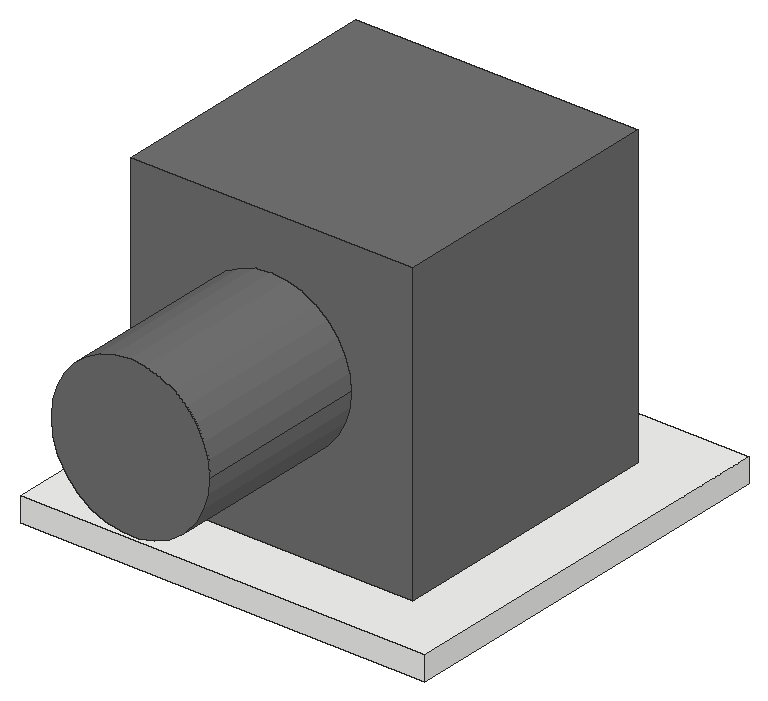
Revit family "vd-10_23zvc6_zvb6_50Hz", category 機械設備, Revit 2019
Family settings
  丸型コネクタ寸法 = 直径を使用
  パーツ タイプ = 標準
  OmniClass 番号 = 23.75.35.17.27
  OmniClass タイトル = Centrifugal Fans
  作業面ベース = いいえ
  常に垂直 = はい
  ロード時にボイドで切り取り = いいえ
  共有 = いいえ
  部屋計算ポイント = はい
Parameters (values of type "VD-10ZVC6")
  騒音レベル(dB(A)) [instance] = 23.5
  風量 [instance] = 100.0 m³/h
  電源種別 [instance] = ""
  電圧 = 100 V
  電動機出力 = 0 W
  電動機_種別 [instance] = ""
  運転質量 = 0.00 kg
  連動 [instance] = ""
  質量 = if(製品質量 > 運転質量, 製品質量, 運転質量) * 1.2  # 1.68 kg
  負荷分類 = 3_ファン類
  説明 = "ダクト用換気扇 低騒音形 24時間換気機能付 定風量タイプ"
  設計風量 [instance] = 0.0 m³/h
  設置方法 = "天埋"
  記号 [instance] = ""
  製造元 = "三菱電機株式会社"
  製品質量 = 1.40 kg
  製品出荷対象 = "国内"
  製品リリース年月 = "2022年6月1日"
  製品グループ = ""
  羽根径 = "∅100"
  系統 [instance] = ""
  符号 [instance] = if(☑給気／□排気, "FS", "FE")  # "FE"
  積算_科目 = "2 換気設備"
  積算_拾い区分 [instance] = ""
  相 = 1
  盤記号 [instance] = ""
  発停方法 [instance] = ""
  特殊仕様 [instance] = ""
  火災停止 [instance] = ""
  消費電力 = 2.6 W
  法定耐用年数 = "15"
  機外静圧 [instance] = 90.0 Pa
  極数 = 2
  材質 [instance] = ""
  操作・制御方式 = ""
  操作・制御スイッチ = ""
  排気量 [instance] = if(☑給気／□排気, 0.0 m³/h, 設計風量)  # 0.0 m³/h
  形式 = "天井埋込ダクト形"
  幹線記号 [instance] = ""
  対象室 [instance] = ""
  実風量 [instance] = 0.0 m³/h
  始動方式 [instance] = "直入"
  外気量 [instance] = if(☑給気／□排気, 設計風量, 0.0 m³/h)  # 0.0 m³/h
  呼称 = "天井扇"
  周波数 = 50 Hz
  参照している仕様書等のバージョン = ""
  分類コード = "50052503100030"
  分類グループ = ""
  価格 = 26000
  企業コード = "108420"
  付属品_防振装置 = ""
  付属品 [instance] = ""
  仕様書バージョン = "Version1.0"
  モデル = "VD-10ZVC6"
  マテリアル = 合成樹脂(黒)
  ファンの種類 = ""
  ダクト径 = 100 mm
  コメント [instance] = ""
  Keynote = ""
  カバーマテリアル = 合成樹脂(白)
  ☑給気／□排気 [instance] = no
  Width = 174 mm
  W1 = 250 mm
  Version = ""
  Uniclass2015Version = "Systems v1.9"
  Uniclass2015Title = "Centrifugal fans"
  Uniclass2015Code = "Pr_65_67_29_12"
  URL = "https://www.mitsubishielectric.co.jp/ldg/wink/ssl/displayProduct.do?pid=320864"
  SpecificationReference = ""
  SpecificationDescription = ""
  Revision = ""
  ProductInformation = ""
  OmniClassCode = "23-33 31 19 11 15"
  OAサイズ_D = 0 mm
  MIN風量 = 60.0 m³/h
  MIN静圧 = 50.0 Pa
  MID風量 = 0.0 m³/h
  MID静圧 = 0.0 Pa
  MAX風量 = 100.0 m³/h
  MAX静圧 = 90.0 Pa
  IfcTypeProduct = ""
  IfcProduct = ""
  IfcExportType = "PROPELLORAXIAL"
  IfcExportAs = "IfcFanType"
  Height = 184 mm
  H1 = 15 mm
  EAサイズ_D = 98 mm
  Duct_Depth = 109 mm
  Duct_Center = 0 mm
  Depth = 174 mm
  D2 = 102 mm
  D1 = 250 mm
  Author = "三菱電機株式会社"
Types (4, lengths in mm): name | 騒音レベル(dB(A)) | 風量 | 質量 | 製品質量 | 羽根径 | 消費電力 | 機外静圧 | 価格 | モデル | マテリアル | URL | MIN風量 | MIN静圧 | MAX風量 | MAX静圧
  VD-10ZVC6 | 23.5 | 100.0 m³/h | 1.68 kg | 1.40 kg | "∅100" | 2.6 W | 90.0 Pa | 26000 | "VD-10ZVC6" | 合成樹脂(黒) | "https://www.mitsubishielectric.co.jp/ldg/wink/ssl/displayProduct.do?pid=320864" | 60.0 m³/h | 50.0 Pa | 100.0 m³/h | 90.0 Pa
  VD-13ZVC6 | 27.5 | 120.0 m³/h | 1.92 kg | 1.60 kg | "∅115" | 3.3 W | 78.0 Pa | 29600 | "VD-13ZVC6" | 合成樹脂(黒) | "https://www.mitsubishielectric.co.jp/ldg/wink/ssl/displayProduct.do?pid=320708" | 75.0 m³/h | 57.0 Pa | 120.0 m³/h | 78.0 Pa
  VD-15ZVC6 | 28 | 160.0 m³/h | 2.88 kg | 2.40 kg | "∅140" | 5 W | 130.0 Pa | 40300 | "VD-15ZVC6" | 合成樹脂(黒) | "https://www.mitsubishielectric.co.jp/ldg/wink/ssl/displayProduct.do?pid=320664" | 85.0 m³/h | 80.0 Pa | 160.0 m³/h | 130.0 Pa
  VD-23ZVB6 | 39.5 | 480.0 m³/h | 8.40 kg | 7.00 kg | "∅230" | 22 W | 150.0 Pa | 92900 | "VD-23ZVB6" | 溶融亜鉛めっき鋼板 | "https://www.mitsubishielectric.co.jp/ldg/wink/ssl/displayProduct.do?pid=320940" | 280.0 m³/h | 150.0 Pa | 480.0 m³/h | 150.0 Pa
Reference planes
  plane 1 "中心(正面/背面)": y = 0
  plane 2: z = 0
  plane 3 "中心(左/右)": x = 0
  plane 4: x = -125
  plane 5: x = 125
  plane 6: y = 125
  plane 7: y = -125
  plane 8: x = -87
  plane 9: x = 87
  plane 10: y = 87
  plane 11: y = -87
  plane 12: y = -196
  plane 13: z = 184
  plane 14: z = -15
  plane 15: z = 102
  plane 16: x = 0
Forms (mm)
  Extrusion 1, solid, material "合成樹脂(黒)" <- "マテリアル", detail levels fine
    sketch origin (0, 0, 0) x (1, 0, 0) y (0, 1, 0)
      loop
        line (-87, 87) -> (-87, -87) -> (87, -87) -> (87, 87) -> (-87, 87)
    from 0 to 184
  Extrusion 2, solid, material "合成樹脂(白)" <- "カバーマテリアル", detail levels fine
    sketch origin (0, 0, 0) x (1, 0, 0) y (0, 1, 0)
      loop
        line (-125, 125) -> (-125, -125) -> (125, -125) -> (125, 125) -> (-125, 125)
    from 0 to -15
  Extrusion 3, solid, material "合成樹脂(黒)" <- "マテリアル", detail levels fine
    sketch origin (0, 0, 0) x (1, 0, 0) y (0, 0, 1)
      loop
        circle (0, 102) r 49
    from 87 to 196
Dimensions and locks
  equal spacing: plane 4, plane 3 "中心(左/右)", plane 5
  "W1": plane 4 to plane 5
  equal spacing: plane 6, plane 1 "中心(正面/背面)", plane 7
  "D1": plane 6 to plane 7
  equal spacing: plane 8, plane 3 "中心(左/右)", plane 9
  "Width": plane 8 to plane 9
  equal spacing: plane 10, plane 1 "中心(正面/背面)", plane 11
  "Depth": plane 10 to plane 11
  "Duct_Depth": plane 11 to plane 12
  "Height": plane 13 to plane 2
  "D2": plane 15 to plane 2
  "H1": plane 2 to plane 14
  "Duct_Center": plane 3 "中心(左/右)" to plane 16
  "EAサイズ_D": diameter of Extrusion 3 sketch curve
  aligned and locked: level to plane 2
  aligned and locked: plane 5 to Extrusion 2
  aligned and locked: plane 6 to Extrusion 2
  aligned and locked: Extrusion 2 to plane 4
  aligned and locked: Extrusion 2 to plane 7
  aligned and locked: plane 9 to Extrusion 1
  aligned and locked: Extrusion 1 to plane 11
  aligned and locked: Extrusion 1 to plane 8
  aligned and locked: plane 10 to Extrusion 1
  aligned and locked: plane 13 to Extrusion 1
  aligned and locked: Extrusion 2 to plane 14
  aligned and locked: level to Extrusion 2
  aligned and locked: Extrusion 1 to level
  aligned and locked: Extrusion 3 to plane 12
  aligned and locked: plane 11 to Extrusion 3
Automatic sketch dimensions
  Extrusion 1 sketch curve to plane 3 "中心(左/右)" = 87 mm
  plane 3 "中心(左/右)" to Extrusion 1 sketch curve = 87 mm
  Extrusion 2 sketch curve to plane 3 "中心(左/右)" = 125 mm
  plane 3 "中心(左/右)" to Extrusion 2 sketch curve = 125 mm
  plane 1 "中心(正面/背面)" to Extrusion 1 sketch curve = 87 mm
  Extrusion 1 sketch curve to plane 1 "中心(正面/背面)" = 87 mm
  plane 1 "中心(正面/背面)" to Extrusion 2 sketch curve = 125 mm
  Extrusion 2 sketch curve to plane 1 "中心(正面/背面)" = 125 mm
  Extrusion 3 sketch curve to plane 15 = 0 mm
  Extrusion 3 sketch curve to plane 16 = 0 mm
Nested families
  nested 1: "記号_天井換気扇_平面" at (0, 0, 0), type "記号_天井換気扇_平面", detail levels coarse+medium
Connectors
  hvac at (0, -196, 102), driven by "ダクト径", driven by "風量", driven by "機外静圧"
    settings: on Extrusion 3, index 1, duct flow 100.0 m³/h, flow factor 0, pres drop 90.0 Pa, loss coef 0, conn angle 0.00°, conn width 304.8 mm, conn height 304.8 mm, conn diameter 100 mm, duct sys type 3, conn prof type 0, flow config 0, flow direction 2, loss method 4, conn ref index -1, conn util no, is conn primary yes, conn desc ""
  electrical at (0, 0, 0), driven by "相", driven by "負荷分類", driven by "電圧", driven by "消費電力"
    settings: on Extrusion 1, index 2, voltage 100 V, apparent load 2.6 VA, apparent load phase1 0 VA, apparent load phase2 0 VA, apparent load phase3 0 VA, power factor 1, load classification "3_ファン類", number of poles 1, system type 30, power factor state 1, is connector primary yes, connector utility no, sub classification motor no, connector description ""
Definition of nested family "記号_天井換気扇_平面"
  Reference planes
    plane 1: y = 0
    plane 2: x = 0
  Lines and regions (mm)
    detail lines
      curve 1: line (-2.5, 2.5, 0) -> (2.5, 2.5, 0)
      curve 2: line (-2.5, -2.5, 0) -> (-2.5, 2.5, 0)
      curve 3: line (2.5, -2.5, 0) -> (-2.5, -2.5, 0)
      curve 4: line (2.5, 2.5, 0) -> (2.5, -2.5, 0)
      curve 5: circle (-1.04, -1.04, 0) r 1.46 normal (0, 0, 1)
      curve 6: circle (1.04, 1.04, 0) r 1.46 normal (0, 0, 1)
      curve 7: line (-3.125, 3.125, 0) -> (3.125, 3.125, 0)
      curve 8: line (-3.125, -3.125, 0) -> (-3.125, 3.125, 0)
      curve 9: line (3.125, -3.125, 0) -> (-3.125, -3.125, 0)
      curve 10: line (3.125, 3.125, 0) -> (3.125, -3.125, 0)
      curve 11: circle (1.295, 1.295, 0) r 1.83 normal (0, 0, 1)
      curve 12: circle (-1.295, -1.295, 0) r 1.83 normal (0, 0, 1)
      curve 13: line (-2, 2, 0) -> (2, 2, 0)
      curve 14: line (-2, -2, 0) -> (-2, 2, 0)
      curve 15: line (2, -2, 0) -> (-2, -2, 0)
      curve 16: line (2, 2, 0) -> (2, -2, 0)
      curve 17: circle (0.84, 0.84, 0) r 1.16 normal (0, 0, 1)
      curve 18: circle (-0.84, -0.84, 0) r 1.2 normal (0, 0, 1)
